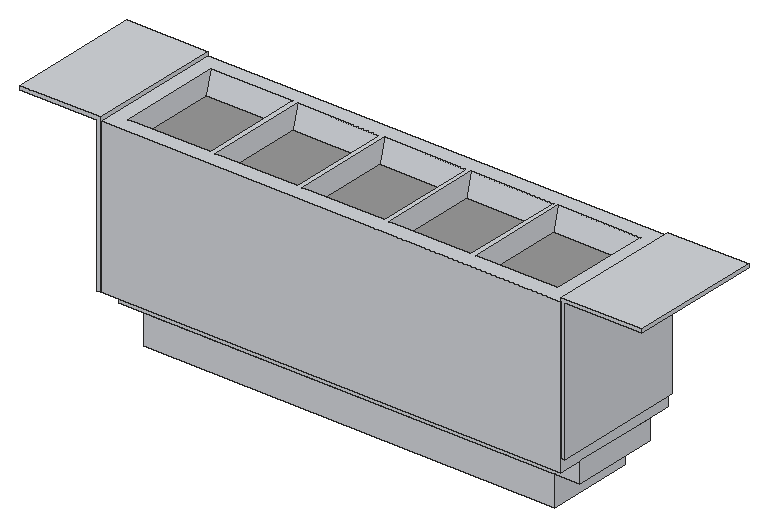
Revit family "2061151 Sylvania Lighting Fixture DOMINO 5xLED 940 BLACK MB TRIMLESS WHITE", category Lighting Fixtures, host Face, Revit 2018
Family settings
  Host = Face
  Round Connector Dimension = Use Diameter
  Part Type = Normal
  OmniClass Number = 23.80.70.00
  OmniClass Title = Lighting
  Cut with Voids When Loaded = No
  Light Source = Yes
  Shared = No
  Room Calculation Point = No
Parameters (values of type "2061151 DOMINO 5XLED 940 BLACK MB TS WHT ")
  top top width = 15.812 mm
  top top length = 123 mm
  Width = 50 mm
  Weight = "n/a"
  Wattage Comments = ""
  Wattage = 9.2903 W
  WarrantyStartDate [instance] = "n/a"
  WarrantyGuarantorParts = "n/a"
  WarrantyDurationUnit = "n/a"
  WarrantyDurationParts = ""
  WarrantyDescription = "http://www.sylvania-lighting.com"
  built-in parameter 1150110 = 1 (stored number, unit not read)
  Voltage = 0 V
  URL = "0.6"
  TypeName = "DOMINO 5xLED 940 BLACK MB TRIMLESS WHITE"
  Type Image = <None>
  Type Comments = "n/a"
  built-in parameter 1114217 = 1 (stored number, unit not read)
  Top Width = 26 mm
  Tilt Angle = 90.00°
  built-in parameter 1150109 = 1 (stored number, unit not read)
  built-in parameter 1150134 = 3
  built-in parameter 1150113 = 1 (stored number, unit not read)
  SerialNumber [instance] = "n/a"
  Recessed Width = 43 mm
  Recessed Length = 143 mm
  Photometric Web File = "2061151.ies"
  Material_3_FEILO = none
  PowerFactor = 0
  PowerConsumption = "Lighting"
  NominalLength = 41 mm
  NominalHeight = 0 mm
  NominalDepth = 0 mm
  Name = "DOMINO 5xLED 940 BLACK MB TRIMLESS WHITE"
  ModelReference = Name  # "DOMINO 5xLED 940 BLACK MB TRIMLESS WHITE"
  ModelNumber = "2061151"
  Model = Name  # "DOMINO 5xLED 940 BLACK MB TRIMLESS WHITE"
  Material = "Feilo Sylvania"
  ManufacturerName = "62 lm/W"
  Manufacturer = ""
  LuminousEfficacy = ""
  built-in parameter 1150105 = 109.82 (stored number, unit not read)
  Lumens = 1380 lm
  LuminaireType = "0"
  built-in parameter 1150115 = 1 (stored number, unit not read)
  LightOutputRatio = "LED"
  built-in parameter 1150137 = (empty or 0)
  built-in parameter 1150139 = (empty or 0)
  Lens inside recess = 25 mm
  Lens Width = 32 mm
  Lens Outside recess = 31.978 mm
  Lens = Glass, White, High Luminance
  Length = 148 mm
  LampsType = Lamp  # "n/a"
  LampNominalLuminous = "4000 K"
  LampMacAdamStep = "90"
  LampColourTemperature = "LED"
  LampColourRenderingIndex = "16500"
  built-in parameter 1150112 = 1 (stored number, unit not read)
  built-in parameter 1150114 = 1 (stored number, unit not read)
  Lamp = "n/a"
  Keynote = "n/a"
  InstallationDate [instance] = "n/a"
  InputVoltage = "0"
  InputNominalFrequency = "4000"
  built-in parameter 1150132 = (empty or 0)
  built-in parameter 1150102 = (empty or 0)
  built-in parameter 1150107 = 3200 (stored number, unit not read)
  built-in parameter 1150138 = (empty or 0)
  IngressProtection = "IfcLightFixtureType"
  ImpactProtectionIndex = "IfcLightFixtureType"
  built-in parameter 1150106 = 1.0982 (stored number, unit not read)
  IfcExportType = "IfcLightFixtureType"
  IfcExportAs = "Class II"
  Facia internal width = 37 mm
  Facia internal length = 135 mm
  Facia Height = 2 mm
  ExpectedLife = 50000
  Emit from Circle Diameter = 609.6 mm
  Emit Shape Visible in Rendering = no
  ElectricShockClassification = "62"
  built-in parameter 1150104 = 13.8 (stored number, unit not read)
  DurationUnit = "hours"
  DocumentationLiterature = "http://www.sylvania-lighting.com/product/en-int/products/2061151"
  DimmingControlOptions = "n/a"
  Material_2_FEILO = none
  Dimming Lamp Color Temperature Shift = <None>
  Description = "Modular LED recessed linear spotlight, ideal for retail and hospitality applications. Die-cast aluminium body, passive cooling. Two levels of reflector installation, low glaring UGR<16. 5x LED source, 30° beam angle , optics: PMMA lens and polycarbonate reflector combination, Black matt reflector finish. Light color temperature: 4000K neutral white, total system power: 13W , total fixture lumen output: 800lm, efficacy: 62 lm/W, Ra90 typical, LED chromacity: 3 step MacAdam ellipse (SDCM3), lifespan: 96,000 hours at 90% of the original output (L90B10), IR/UV free light source without heat radiation, operating voltage: 220-240V / 50-60Hz, electronic driver, ultra low flicker, non-dimmable , electrical protection: Class II. Degree of Protection: IP40/IP20, suitable for indoor environment only. Ceiling cut-out: 42x42mm, outer dimensions:  144x41mm , trimless frame RAL 9016 - Traffic white / Bezel color.5 years Warranty."
  Default Elevation = 1219.2 mm
  CreatedOn = "11/02/2021"
  CreatedBy = "@sylvania-lighting.com"
  Cost = 0
  Color Filter = 16777215
  built-in parameter 1114216 [instance] = (empty or 0)
  ClassificationValue = "EF_70_80"
  ClassificationName = "Uniclass2015"
  Material_1_FEILO = none
  Body Width = 40 mm
  Body Length = 138 mm
  BarCode [instance] = "n/a"
  built-in parameter 1114218 = 1 (stored number, unit not read)
  built-in parameter 1150133 = 10 (stored number, unit not read)
  AssetType = "Fixed"
  AssetIdentifier [instance] = "n/a"
  Assembly Code = "D5020200"
  Apparent Load = 13 VA
  Material_4_FEILO = none
Reference planes
  plane 1 "Center (Front/Back)": y = 0
  plane 2: z = 0
  plane 3 "Center (Left/Right)": x = 0
  plane 4: z = 0
  plane 5: z = -7
  plane 6: z = -45.895
  plane 7: z = -51.895
  plane 8: z = -60.895
  plane 9: x = -71.5
  plane 10: x = 71.5
  plane 11: y = 21.5
  plane 12: y = -21.5
  plane 13: x = -74
  plane 14: x = 74
  plane 15: y = 25
  plane 16: y = -25
  plane 17: x = 67.5
  plane 18: x = -67.5
  plane 19: y = 18.5
  plane 20: y = -18.5
  plane 21: z = 2
  plane 22: x = -69
  plane 23: x = 69
  plane 24: y = 20
  plane 25: y = -20
  plane 26: y = 13
  plane 27: y = -13
  plane 28: x = 61.5
  plane 29: x = -61.5
  plane 30: x = -65.5
  plane 31: y = 16.5
  plane 32: y = -16.472
  plane 33: x = -40.5
  plane 34: x = -41
  plane 35: x = -65
  plane 36: y = 13
  plane 37: y = -12.972
  plane 38: x = -39.5
  plane 39: x = -14.48
  plane 40: x = -13.48
  plane 41: x = 11.52
  plane 42: x = 12.52
  plane 43: x = 37.52
  plane 44: x = 38.52
  plane 45: x = 64.5
  plane 46: x = -72.5
  plane 47: z = 1
  plane 48: x = -93
  plane 49: z = -42
  plane 50: x = -70
  plane 51: x = 93
  plane 52: x = 70
Forms (mm)
  Extrusion 1, solid, not visible, detail levels medium+fine
    sketch origin (4.2, 0, 0) x (1, 0, 0) y (0, 1, 0)
      loop
        line (-29.2, 34.5) -> (-29.2, -34.5) -> (20.8, -34.5) -> (20.8, 34.5) -> (-29.2, 34.5)
    from 0 to 1
  Extrusion 2, solid, not visible, detail levels medium+fine
    sketch origin (4.044, 0, 0) x (1, 0, 0) y (0, 1, 0)
      loop
        line (-29.2, 34.5) -> (-29.2, -34.5) -> (20.8, -34.5) -> (20.8, 34.5) -> (-29.2, 34.5)
    from 0 to 1
  Blend 3, solid, not visible, detail levels medium+fine
    base sketch origin (4.2, 0, 0) x (1, 0, 0) y (0, 1, 0)
      loop
        line (-29.2, 34.5) -> (-29.2, -34.5) -> (20.8, -34.5) -> (20.8, 34.5) -> (-29.2, 34.5)
    top sketch origin (4.2, 0, 0) x (1, 0, 0) y (0, 1, 0)
      loop
        line (-21.7, 28) -> (-21.7, -28) -> (13.3, -28) -> (13.3, 28) -> (-21.7, 28)
    from 1 to 3
  Extrusion 4, solid, not visible, detail levels medium+fine
    sketch origin (3.419, 0, 0) x (1, 0, 0) y (0, 1, 0)
      loop
        line (-29.2, 34.5) -> (-29.2, -34.5) -> (20.8, -34.5) -> (20.8, 34.5) -> (-29.2, 34.5)
    from 0 to 1
  Blend 5, solid, not visible, detail levels medium+fine
    base sketch origin (3.575, 0, 0) x (1, 0, 0) y (0, 1, 0)
      loop
        line (-29.2, 34.5) -> (-29.2, -34.5) -> (20.8, -34.5) -> (20.8, 34.5) -> (-29.2, 34.5)
    top sketch origin (3.575, 0, 0) x (1, 0, 0) y (0, 1, 0)
      loop
        line (-21.7, 28) -> (-21.7, -28) -> (13.3, -28) -> (13.3, 28) -> (-21.7, 28)
    from 1 to 3
  Extrusion 6, solid, not visible, detail levels medium+fine
    sketch origin (4.247, 0, 0) x (1, 0, 0) y (0, 1, 0)
      loop
        line (-29.2, 34.5) -> (-29.2, -34.5) -> (20.8, -34.5) -> (20.8, 34.5) -> (-29.2, 34.5)
    from 0 to 1
  Blend 7, solid, not visible, detail levels medium+fine
    base sketch origin (4.403, 0, 0) x (1, 0, 0) y (0, 1, 0)
      loop
        line (-29.2, 34.5) -> (-29.2, -34.5) -> (20.8, -34.5) -> (20.8, 34.5) -> (-29.2, 34.5)
    top sketch origin (4.403, 0, 0) x (1, 0, 0) y (0, 1, 0)
      loop
        line (-21.7, 28) -> (-21.7, -28) -> (13.3, -28) -> (13.3, 28) -> (-21.7, 28)
    from 1 to 3
  Extrusion 8, void, detail levels medium+fine
    sketch origin (4.2, 0, 0) x (0, 1, 0) y (1, 0, 0)
      loop
        line (21.5, -75.7) -> (21.5, 67.3) -> (-21.5, 67.3) -> (-21.5, -75.7) -> (21.5, -75.7)
    from -9.934 to 83.097
  Extrusion 9, solid, detail levels medium+fine
    sketch origin (4.2, 0, 0) x (1, 0, 0) y (0, 1, 0)
      loop
        line (-73.2, 20) -> (-73.2, -20) -> (64.8, -20) -> (64.8, 20) -> (-73.2, 20)
    from 0 to -45.895
  Extrusion 10, solid, detail levels medium+fine
    sketch origin (4.2, 0, 0) x (1, 0, 0) y (0, 1, 0)
      loop
        line (-73.2, 13) -> (-73.2, -13) -> (64.8, -13) -> (64.8, 13) -> (-73.2, 13)
    from -51.895 to -45.895
  Extrusion 11, solid, material "Glass, White, High Luminance" <- "Lens", detail levels fine
    sketch origin (11.874, 1219.733, 36.156) x (1, 0, 0) y (0, 1, 0)
      loop
        line (-75.883, -1206.7) -> (-75.883, -1232.733) -> (-51.887, -1232.733) -> (-51.887, -1206.7) -> (-75.883, -1206.7)
    from -43.156 to -42.182
  Extrusion 12, solid, detail levels fine
    sketch origin (0, 0, 0) x (1, 0, 0) y (0, 0, 1)
      loop
        line (-61.5, -51.895) -> (-61.5, -60.895) -> (61.5, -60.895) -> (61.5, -51.895) -> (-61.5, -51.895)
    from -13 to 13
  Blend 13, void
    base sketch origin (5.187, 0, 0) x (0, 1, 0) y (-1, 0, 0)
      loop
        line (16.5, 69.7) -> (-16.472, 69.7) -> (-16.472, 44.7) -> (16.5, 44.7) -> (16.5, 69.7)
    top sketch origin (5.187, 0, 0) x (0, 1, 0) y (-1, 0, 0)
      loop
        line (13, 69.2) -> (-12.972, 69.2) -> (-12.972, 45.2) -> (13, 45.2) -> (13, 69.2)
    from 3 to -7
  Blend 14, void
    base sketch origin (31.202, 0, 0) x (0, 1, 0) y (-1, 0, 0)
      loop
        line (16.5, 69.7) -> (-16.472, 69.7) -> (-16.472, 44.7) -> (16.5, 44.7) -> (16.5, 69.7)
    top sketch origin (31.202, 0, 0) x (0, 1, 0) y (-1, 0, 0)
      loop
        line (13, 69.2) -> (-12.972, 69.2) -> (-12.972, 45.2) -> (13, 45.2) -> (13, 69.2)
    from 3 to -7
  Blend 15, void
    base sketch origin (57.213, -0.017, 0) x (0, 1, 0) y (-1, 0, 0)
      loop
        line (16.5, 69.7) -> (-16.472, 69.7) -> (-16.472, 44.7) -> (16.5, 44.7) -> (16.5, 69.7)
    top sketch origin (57.213, -0.017, 0) x (0, 1, 0) y (-1, 0, 0)
      loop
        line (13, 69.2) -> (-12.972, 69.2) -> (-12.972, 45.2) -> (13, 45.2) -> (13, 69.2)
    from 3 to -7
  Blend 16, void
    base sketch origin (83.222, 0, 0) x (0, 1, 0) y (-1, 0, 0)
      loop
        line (16.5, 69.7) -> (-16.472, 69.7) -> (-16.472, 44.7) -> (16.5, 44.7) -> (16.5, 69.7)
    top sketch origin (83.222, 0, 0) x (0, 1, 0) y (-1, 0, 0)
      loop
        line (13, 69.2) -> (-12.972, 69.2) -> (-12.972, 45.2) -> (13, 45.2) -> (13, 69.2)
    from 3 to -7
  Blend 17, void
    base sketch origin (109.202, 0, 0) x (0, 1, 0) y (-1, 0, 0)
      loop
        line (16.5, 69.7) -> (-16.472, 69.7) -> (-16.472, 44.7) -> (16.5, 44.7) -> (16.5, 69.7)
    top sketch origin (109.202, 0, 0) x (0, 1, 0) y (-1, 0, 0)
      loop
        line (13, 69.2) -> (-12.972, 69.2) -> (-12.972, 45.2) -> (13, 45.2) -> (13, 69.2)
    from 3 to -7
  Extrusion 18, solid, material "Glass, White, High Luminance" <- "Lens", detail levels fine
    sketch origin (37.889, 1219.733, 36.156) x (1, 0, 0) y (0, 1, 0)
      loop
        line (-75.883, -1206.7) -> (-75.883, -1232.733) -> (-51.887, -1232.733) -> (-51.887, -1206.7) -> (-75.883, -1206.7)
    from -43.156 to -42.182
  Extrusion 19, solid, material "Glass, White, High Luminance" <- "Lens", detail levels fine
    sketch origin (63.896, 1219.733, 36.156) x (1, 0, 0) y (0, 1, 0)
      loop
        line (-75.883, -1206.7) -> (-75.883, -1232.733) -> (-51.887, -1232.733) -> (-51.887, -1206.7) -> (-75.883, -1206.7)
    from -43.156 to -42.182
  Extrusion 20, solid, material "Glass, White, High Luminance" <- "Lens", detail levels fine
    sketch origin (89.905, 1219.733, 36.156) x (1, 0, 0) y (0, 1, 0)
      loop
        line (-75.883, -1206.7) -> (-75.883, -1232.733) -> (-51.887, -1232.733) -> (-51.887, -1206.7) -> (-75.883, -1206.7)
    from -43.156 to -42.182
  Extrusion 21, solid, material "Glass, White, High Luminance" <- "Lens", detail levels fine
    sketch origin (115.886, 1219.733, 36.156) x (1, 0, 0) y (0, 1, 0)
      loop
        line (-75.883, -1206.7) -> (-75.883, -1232.733) -> (-51.887, -1232.733) -> (-51.887, -1206.7) -> (-75.883, -1206.7)
    from -43.156 to -42.182
  Extrusion 22, solid, detail levels coarse
    sketch origin (4.2, 0, 0) x (1, 0, 0) y (0, 1, 0)
      loop
        line (-97.2, 20) -> (-97.2, -20) -> (88.8, -20) -> (88.8, 20) -> (-97.2, 20)
    from 3 to -60.895
  Extrusion 23, solid, detail levels medium+fine
    sketch origin (0, 0, 0) x (1, 0, 0) y (0, 0, 1)
      loop
        line (-69, -45.895) -> (-69, 1) -> (-93, 1) -> (-93, 0) -> (-70, 0) -> (-70, -45.895) -> (-69, -45.895)
    from -20 to 20
  Extrusion 24, solid, detail levels medium+fine
    sketch origin (0, 0, 0) x (1, 0, 0) y (0, 0, 1)
      loop
        line (93, 1) -> (69, 1) -> (69, -42) -> (70, -42) -> (70, 0) -> (93, 0) -> (93, 1)
    from -20 to 20
Cuts and joins
  Blend 13, Blend 14, Blend 15, Blend 16, Blend 17 cuts Extrusion 9
Dimensions and locks
  "Recessed Length": plane 9 to plane 10
  equal spacing: plane 9, plane 3 "Center (Left/Right)", plane 10
  "Length": plane 13 to plane 14
  equal spacing: plane 13, plane 3 "Center (Left/Right)", plane 14
  "Recessed Width": plane 11 to plane 12
  equal spacing: plane 11, plane 1 "Center (Front/Back)", plane 12
  "Width": plane 15 to plane 16
  equal spacing: plane 15, plane 1 "Center (Front/Back)", plane 16
  "Facia internal length": plane 18 to plane 17
  equal spacing: plane 18, plane 3 "Center (Left/Right)", plane 17
  "Facia internal width": plane 19 to plane 20
  equal spacing: plane 19, plane 1 "Center (Front/Back)", plane 20
  "Facia Height": plane 21 to host face
  "Body Length": plane 22 to plane 23
  equal spacing: plane 22, plane 3 "Center (Left/Right)", plane 23
  "Body Width": plane 24 to plane 25
  equal spacing: plane 24, plane 1 "Center (Front/Back)", plane 25
  "Top Width": plane 26 to plane 27
  equal spacing: plane 26, plane 1 "Center (Front/Back)", plane 27
  "top top length": plane 29 to plane 28
  equal spacing: plane 29, plane 3 "Center (Left/Right)", plane 28  (x2)
  plane 28 to plane 29 = 123 mm
  equal spacing: plane 28, plane 3 "Center (Left/Right)", plane 29
  aligned and locked: plane 2 to host face
  aligned and locked: level to host face
  aligned and locked: Extrusion 10 to plane 7
  aligned and locked: Extrusion 9 to plane 6
  aligned and locked: Extrusion 11 to plane 5
Automatic sketch dimensions
  Extrusion 1 sketch curve to Extrusion 1 sketch curve = 50 mm
  Extrusion 1 sketch curve to Extrusion 1 sketch curve = 69 mm
  Extrusion 2 sketch curve to Extrusion 2 sketch curve = 50 mm
  Extrusion 2 sketch curve to Extrusion 2 sketch curve = 69 mm
  Blend 3 sketch curve to Blend 3 sketch curve = 50 mm
  Blend 3 sketch curve to Blend 3 sketch curve = 69 mm
  Blend 3 sketch curve to Blend 3 sketch curve = 35 mm
  Blend 3 sketch curve to Blend 3 sketch curve = 56 mm
  Extrusion 4 sketch curve to Extrusion 4 sketch curve = 50 mm
  Extrusion 4 sketch curve to Extrusion 4 sketch curve = 69 mm
  Blend 5 sketch curve to Blend 5 sketch curve = 50 mm
  Blend 5 sketch curve to Blend 5 sketch curve = 69 mm
  Blend 5 sketch curve to Blend 5 sketch curve = 35 mm
  Blend 5 sketch curve to Blend 5 sketch curve = 56 mm
  Extrusion 6 sketch curve to Extrusion 6 sketch curve = 50 mm
  Extrusion 6 sketch curve to Extrusion 6 sketch curve = 69 mm
  Blend 7 sketch curve to Blend 7 sketch curve = 50 mm
  Blend 7 sketch curve to Blend 7 sketch curve = 69 mm
  Blend 7 sketch curve to Blend 7 sketch curve = 35 mm
  Blend 7 sketch curve to Blend 7 sketch curve = 56 mm
  host sketch curve to host sketch curve = 2438.4 mm  (x2)
  Extrusion 8 sketch curve to plane 9 = 0 mm
  Extrusion 8 sketch curve to plane 12 = 0 mm
  Extrusion 8 sketch curve to plane 11 = 0 mm
  Extrusion 8 sketch curve to plane 10 = 0 mm
  Extrusion 9 sketch curve to plane 22 = 0 mm
  Extrusion 9 sketch curve to plane 23 = 0 mm
  Extrusion 9 sketch curve to plane 25 = 0 mm
  Extrusion 9 sketch curve to plane 24 = 0 mm
  Extrusion 10 sketch curve to plane 22 = 0 mm
  Extrusion 10 sketch curve to plane 23 = 0 mm
  Extrusion 10 sketch curve to plane 27 = 0 mm
  Extrusion 10 sketch curve to plane 26 = 0 mm
  Extrusion 11 sketch curve to plane 27 = 0 mm
  plane 35 to Extrusion 11 sketch curve = 0.991 mm
  plane 26 to Extrusion 11 sketch curve = 0.033 mm
  plane 33 to Extrusion 11 sketch curve = 0.487 mm
  Extrusion 12 sketch curve to plane 8 = 0 mm
  Extrusion 12 sketch curve to plane 29 = 0 mm
  Extrusion 12 sketch curve to plane 28 = 0 mm
  Extrusion 12 sketch curve to plane 7 = 0 mm
  Blend 13 sketch curve to plane 32 = 0 mm
  Blend 13 sketch curve to plane 31 = 0 mm
  Blend 13 sketch curve to plane 38 = 0.013 mm
  plane 35 to Blend 13 sketch curve = 0.487 mm
  Blend 13 sketch curve to plane 37 = 0 mm
  Blend 13 sketch curve to plane 26 = 0 mm
  plane 33 to Blend 13 sketch curve = 0.487 mm
  plane 35 to Blend 13 sketch curve = 0.987 mm
  Blend 14 sketch curve to plane 32 = 0 mm
  Blend 14 sketch curve to plane 31 = 0 mm
  Blend 14 sketch curve to plane 40 = 0.018 mm
  plane 38 to Blend 14 sketch curve = 1.002 mm
  Blend 14 sketch curve to plane 37 = 0 mm
  Blend 14 sketch curve to plane 26 = 0 mm
  plane 39 to Blend 14 sketch curve = 0.482 mm
  plane 38 to Blend 14 sketch curve = 1.502 mm
  Blend 15 sketch curve to plane 32 = 0.017 mm
  Blend 15 sketch curve to plane 31 = 0.017 mm
  Blend 15 sketch curve to plane 42 = 0.007 mm
  plane 40 to Blend 15 sketch curve = 0.993 mm
  plane 27 to Blend 15 sketch curve = 0.011 mm
  Blend 15 sketch curve to plane 26 = 0.017 mm
  plane 41 to Blend 15 sketch curve = 0.493 mm
  plane 40 to Blend 15 sketch curve = 1.493 mm
  plane 32 to Blend 16 sketch curve = 0 mm
  plane 31 to Blend 16 sketch curve = 0 mm
  plane 44 to Blend 16 sketch curve = 0.002 mm
  plane 42 to Blend 16 sketch curve = 1.002 mm
  plane 37 to Blend 16 sketch curve = 0 mm
  plane 26 to Blend 16 sketch curve = 0 mm
  Blend 16 sketch curve to plane 44 = 0.498 mm
  plane 42 to Blend 16 sketch curve = 1.502 mm
  Blend 17 sketch curve to plane 32 = 0 mm
  Blend 17 sketch curve to plane 31 = 0 mm
  plane 45 to Blend 17 sketch curve = 0.002 mm
  plane 44 to Blend 17 sketch curve = 0.982 mm
  Blend 17 sketch curve to plane 37 = 0 mm
  Blend 17 sketch curve to plane 26 = 0 mm
  Blend 17 sketch curve to plane 45 = 0.498 mm
  plane 44 to Blend 17 sketch curve = 1.482 mm
  Extrusion 18 sketch curve to plane 27 = 0 mm
  plane 38 to Extrusion 18 sketch curve = 1.506 mm
  plane 26 to Extrusion 18 sketch curve = 0.033 mm
  plane 39 to Extrusion 18 sketch curve = 0.482 mm
  Extrusion 19 sketch curve to plane 27 = 0 mm
  plane 40 to Extrusion 19 sketch curve = 1.493 mm
  plane 26 to Extrusion 19 sketch curve = 0.033 mm
  plane 41 to Extrusion 19 sketch curve = 0.49 mm
  Extrusion 20 sketch curve to plane 27 = 0 mm
  plane 42 to Extrusion 20 sketch curve = 1.502 mm
  plane 26 to Extrusion 20 sketch curve = 0.033 mm
  plane 43 to Extrusion 20 sketch curve = 0.498 mm
  Extrusion 21 sketch curve to plane 27 = 0 mm
  plane 44 to Extrusion 21 sketch curve = 1.482 mm
  plane 26 to Extrusion 21 sketch curve = 0.033 mm
  Extrusion 21 sketch curve to plane 45 = 0.501 mm
  Extrusion 22 sketch curve to plane 13 = 19 mm
  plane 14 to Extrusion 22 sketch curve = 19 mm
  plane 16 to Extrusion 22 sketch curve = 5 mm
  Extrusion 22 sketch curve to plane 15 = 5 mm
  Extrusion 23 sketch curve to level = 0 mm
  Extrusion 23 sketch curve to plane 48 = 0 mm
  Extrusion 23 sketch curve to plane 50 = 0 mm
  Extrusion 23 sketch curve to plane 6 = 0 mm
  Extrusion 23 sketch curve to plane 22 = 0 mm
  Extrusion 23 sketch curve to plane 47 = 0 mm
  Extrusion 24 sketch curve to plane 23 = 0 mm
  Extrusion 24 sketch curve to plane 49 = 0 mm
  Extrusion 24 sketch curve to plane 52 = 0 mm
  Extrusion 24 sketch curve to plane 47 = 0 mm
  Extrusion 24 sketch curve to plane 51 = 0 mm
  Extrusion 24 sketch curve to level = 0 mm
Connectors
  electrical at (0, 0, -60.895)
    settings: on Extrusion 12, index 1, voltage 0 V, apparent load 0 VA, apparent load phase1 0 VA, apparent load phase2 0 VA, apparent load phase3 0 VA, power factor 1, load classification "Other", number of poles 1, system type 31, power factor state 1, is connector primary yes, connector utility no, sub classification motor no, connector description ""
